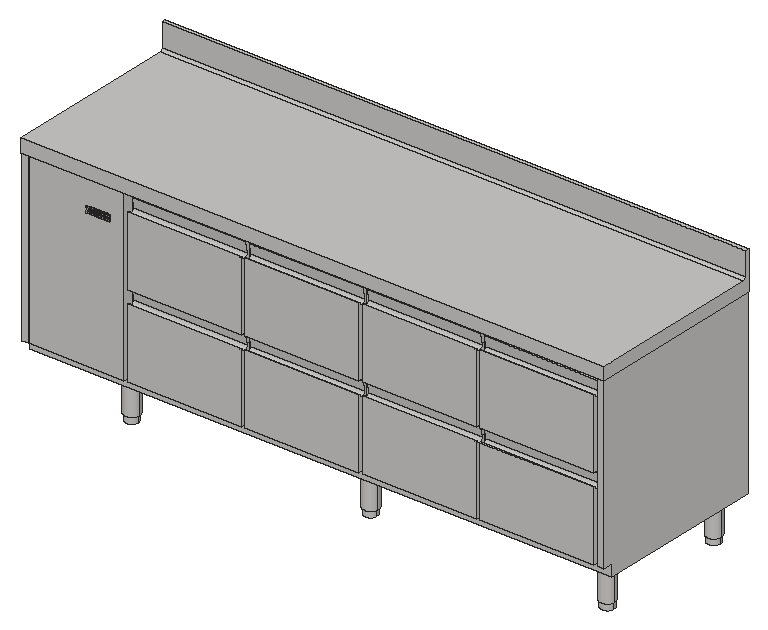
Revit family "QF_ZANUSSI_111064_ZH4H3BBBB", category Specialty Equipment, Revit 2018
Family settings
  Round Connector Dimension = Use Diameter
  Part Type = Normal
  Work Plane-Based = No
  Always vertical = Yes
  Cut with Voids When Loaded = No
  Shared = No
  Room Calculation Point = No
Parameters
  Weight = 0.00 kg
  Watts = 0.0232258 W
  Volts = 220 V
  URL Manufacturer = "http://www.zanussiprofessional.com/"
  URL = "http://www.zanussiprofessional.com/"
  Steam Supply Size = 0 mm
  Steam Supply Minimum Pressure = 0.0 Pa
  Steam Supply Maximum Pressure = 0.0 Pa
  Steam Pounds per Hour = 0
  Show Logo [instance] = yes
  Show Clearance [instance] = yes
  Refrigeration Suction Line Size = 0 mm
  Refrigeration Liquid Line Size = 0 mm
  Refrigerant Compressor Remote = yes
  Manufacturer = "Zanussi"
  Phase = 1
  Model = "ZH4H3BBBB"
  Length Actual = 2253 mm  # constant formula
  Item Number = "111064"
  Hot Water Size = 0 mm
  Height Actual = 1000 mm  # constant formula
  HP = "0.3 HP"
  Gas Size = 0 mm
  Gas KW = 0
  Gas Input Pressure = 0 W
  Description = "8 DRAWERS REFR.TABLE 590L-SPLASHB"
  Depth Actual = 700 mm  # constant formula
  Cycle = 50 Hz
  Condensate Return Size = 0 mm
  Compressed Air Volume = 0.0 L/s
  Compressed Air Size = 0 mm
  Compressed Air Pressure = 0.0 Pa
  Cold Water Size = 0 mm
  Accessory = yes
Reference planes
  plane 1 "Center X": y = 182.5
  plane 2: z = 0
  plane 3 "Center Y": x = -580.5
  plane 4: y = -62.5
  plane 5: y = 451.5
  plane 6 "BACK": y = 532.5
  plane 7 "FRONT": y = -167.5
  plane 8: x = -1360
  plane 9: x = 478
  plane 10: z = 150
  plane 11 "TOP": z = 900
  plane 12: z = 850
  plane 13 "LEFT": x = -1705
  plane 14 "RIGHT": x = 544
  plane 15: x = -437
  plane 16: x = -1707
  plane 17: x = 546
Forms (mm)
  Extrusion 1, solid, material "QF_Finishes_Stainless Steel"
    sketch origin (-580.5, 2, 0) x (0, 1, 0) y (0, 0, 1)
      loop
        line (530.5, 150) -> (530.5, 850) -> (-124.5, 850) -> (-124.5, 150) -> (530.5, 150)
    from -1124.5 to 1124.5
  Extrusion 2, solid, material "QF_Finishes_Stainless Steel"
    sketch origin (-1022.223, -1524, 150) x (-1, 0, 0) y (0, -1, 0)
      loop
        line (682.777, -1361.5) -> (657.777, -1361.5) -> (657.777, -1401.5) -> (682.777, -1401.5) -> (682.777, -1361.5)
      loop
        line (-1566.223, -1401.5) -> (-1541.223, -1401.5) -> (-1541.223, -1361.5) -> (-1566.223, -1361.5) -> (-1566.223, -1401.5)
    from 47 to 700
  Extrusion 3, solid, material "QF_Finishes_Stainless Steel"
    sketch origin (0, 0, 900) x (-1, 0, 0) y (0, -1, 0)
      loop
        circle (-57, -94.5) r 8.45
      loop
        circle (851, -94.5) r 8.45
    from -790.577 to -750
  Extrusion 4, solid, material "QF_Finishes_Stainless Steel"
    sketch origin (0, 0, 0) x (1, 0, 0) y (0, 1, 0)
      loop
        circle (-1621, 451.5) r 4
    from 109.423 to 150
  Extrusion 5, solid, material "QF_Finishes_Stainless Steel"
    sketch origin (-126.5, 0, 0) x (0, 1, 0) y (0, 0, 1)
      loop
        line (-167.5, 900) -> (-167.5, 850) -> (532.5, 850) -> (532.5, 1000) -> (519.5, 1000) -> (519.5, 910)
        arc (519.5, 910) -> (516.571, 902.929) -> (509.5, 900) r 10
        line (509.5, 900) -> (-167.5, 900)
    from 672.5 to -1580.5
Cuts and joins
  joined: Extrusion 1, Extrusion 2
Lines and regions (mm)
  symbolic lines, style "SpecialityEquipmentHiddenLines"
    curve 1: line (-1707, -122.5, 900) -> (546, -122.5, 900)
    curve 2: line (-1304, -167.5, 900) -> (-1304, -122.5, 900)
  symbolic lines, style "SpecialityEquipment"
    curve 3: line (-1707, 532.5, 900) -> (546, 532.5, 900)
    curve 4: line (-1707, 532.5, 900) -> (-1707, -167.5, 900)
    curve 5: line (-1707, -167.5, 900) -> (546, -167.5, 900)
    curve 6: line (546, -167.5, 900) -> (546, 532.5, 900)
    curve 7: line (-1707, 519.5, 900) -> (546, 519.5, 900)
Dimensions and locks
  locked: plane 6 "BACK" to plane 7 "FRONT" at 700
  equal spacing: plane 6 "BACK", plane 1 "Center X", plane 7 "FRONT"
  locked: plane 6 "BACK" to plane 5 at 81
  plane 10 to level = 150 mm
  plane 11 "TOP" to plane 12 to plane 10 = 50 mm locked, 700 mm locked
  locked: Extrusion 2 sketch curve to Extrusion 2 sketch curve at 25  (x2)
  locked: plane 4 to plane 7 "FRONT" at 105
  locked: plane 6 "BACK" to Extrusion 3 sketch curve at 438  (x2)
  equal spacing: plane 13 "LEFT", plane 3 "Center Y", plane 14 "RIGHT"
  plane 16 to plane 17 = 2253 mm
  locked: plane 13 "LEFT" to plane 8 at 345
  plane 15 to plane 9 to plane 14 "RIGHT" = 915 mm locked, 66 mm locked
  Extrusion 3 sketch curve to Extrusion 3 sketch curve to plane 14 "RIGHT" = 908 mm locked, 487 mm locked
  plane 13 "LEFT" to Extrusion 4 sketch curve = 84 mm
  locked: plane 6 "BACK" to Extrusion 4 sketch curve at 81
  locked: plane 10 to Extrusion 4 at 40.577
  aligned and locked: level to plane 2
  aligned and locked: plane 10 to Extrusion 3
  aligned and locked: nested 4 to plane 4
  aligned and locked: nested 1 to plane 4
  aligned and locked: nested 3 to plane 5
  aligned and locked: nested 2 to plane 5
  aligned and locked: plane 8 to nested 1
  aligned and locked: plane 8 to nested 2
  aligned and locked: plane 9 to nested 4
  aligned and locked: plane 9 to nested 3
  aligned and locked: Extrusion 1 to Extrusion 2
  aligned and locked: Extrusion 2 to Extrusion 1
  aligned and locked: Extrusion 2 sketch curve to plane 14 "RIGHT"
  aligned and locked: plane 13 "LEFT" to Extrusion 2 sketch curve
  aligned and locked: cut or joined group of Extrusion 1, Extrusion 2 to plane 10
  aligned and locked: plane 12 to cut or joined group of Extrusion 1, Extrusion 2
  aligned and locked: plane 10 to Extrusion 4
  aligned and locked: plane 15 to nested 11
  aligned and locked: plane 15 to nested 12
Automatic sketch dimensions
  plane 7 "FRONT" to Extrusion 2 sketch curve = 45 mm  (x2)
  plane 7 "FRONT" to Extrusion 2 sketch curve = 5 mm  (x2)
  Extrusion 1 sketch curve to plane 10 = 0 mm
  Extrusion 1 sketch curve to plane 12 = 0 mm
  Extrusion 1 sketch curve to plane 6 "BACK" = 0 mm
  plane 7 "FRONT" to Extrusion 1 sketch curve = 45 mm
  Extrusion 5 sketch curve to plane 7 "FRONT" = 0 mm
  Extrusion 5 sketch curve to plane 11 "TOP" = 0 mm
  Extrusion 5 sketch curve to plane 6 "BACK" = 0 mm
  Extrusion 5 sketch curve to plane 12 = 0 mm
  plane 11 "TOP" to Extrusion 5 sketch curve = 10 mm
  Extrusion 5 sketch curve to plane 6 "BACK" = 23 mm
  Extrusion 5 sketch curve to Extrusion 5 sketch curve = 90 mm
  curve 7 to plane 17 = 0 mm
  curve 2 to plane 7 "FRONT" = 0 mm
  curve 5 to plane 16 = 0 mm
  curve 3 to plane 6 "BACK" = 0 mm
  plane 8 to curve 2 = 56 mm
  curve 3 to curve 7 = 13 mm
  plane 7 "FRONT" to curve 1 = 45 mm
  radius of Extrusion 3 sketch curve = 8.45 mm  (x2)
  radius of Extrusion 4 sketch curve = 4 mm
Nested families
  nested 1: "Foot_Ø50_H150" at (-1360, -62.5, 0), type "Foot_Ø50_H150"
  nested 2: "Foot_Ø50_H150" at (-1360, 451.5, 0), type "Foot_Ø50_H150"
  nested 3: "Foot_Ø50_H150" at (478, 451.5, 0), type "Foot_Ø50_H150"
  nested 4: "Foot_Ø50_H150" at (478, -62.5, 0), type "Foot_Ø50_H150"
  nested 5: "2 Drawers" at (285, -164.5, 0), Show Clearance <- "Show Clearance", type "2 Drawers"
  nested 6: "2 Drawers" at (-169, -164.5, 0), Show Clearance <- "Show Clearance", type "2 Drawers"
  nested 7: "Refrigerator" at (544, -167.5, 900), type "Refrigerator"
  nested 8: "ZAN_Cooling Unit" at (-1495.5, -164.5, 0), Show Logo <- "Show Logo", type "ZAN_Cooling Unit"
  nested 9: "2 Drawers" at (-623, -164.5, 0), Show Clearance <- "Show Clearance", type "2 Drawers"
  nested 10: "2 Drawers" at (-1077, -164.5, 0) x (-1, 0, 0) z (0, 0, 1), Show Clearance <- "Show Clearance", type "2 Drawers"
  nested 11: "Foot_Ø50_H150" at (-437, -62.5, 0), type "Foot_Ø50_H150"
  nested 12: "Foot_Ø50_H150" at (-437, 451.5, 0), type "Foot_Ø50_H150"
Connectors
  electrical at (-1621, 451.5, 109.423), driven by "Volts"
    settings: on Extrusion 4, index 4, voltage 220 V, apparent load 0 VA, apparent load phase1 0 VA, apparent load phase2 0 VA, apparent load phase3 0 VA, power factor 1, load classification "Altro", number of poles 1, system type 30, power factor state 1, is connector primary yes, connector utility no, sub classification motor no, connector description "Electrical Connection"
  piping at (57, 94.5, 109.423), diameter 17
    settings: on Extrusion 3, index 5, connector inside diameter 609.6 mm, connector length 0 mm, flow factor 0, pipe flow 0.0 L/s, pressure drop 0.0 Pa, fitting loss kfactor 0, connector angle 0.00°, fixture units 0, engagement length 0 mm, angle of deflection 0.00°, flow configuration 1, flow direction 2, fitting loss method 0, system type 16, joint type 0, gender type 0, connector reference index -1, connector utility 0, adjustable connector no, is connector primary yes, connector description "Drain"
  piping at (-851, 94.5, 109.423), diameter 17
    settings: on Extrusion 3, index 6, connector inside diameter 609.6 mm, connector length 0 mm, flow factor 0, pipe flow 0.0 L/s, pressure drop 0.0 Pa, fitting loss kfactor 0, connector angle 0.00°, fixture units 0, engagement length 0 mm, angle of deflection 0.00°, flow configuration 1, flow direction 2, fitting loss method 0, system type 16, joint type 0, gender type 0, connector reference index -1, connector utility 0, adjustable connector no, is connector primary no, connector description "Drain"
Definition of nested family "Foot_Ø50_H150"
  Reference planes
    plane 1 "Centro (Fronte/Retro)": y = 0
    plane 2: z = 0
    plane 3 "Centro (Sinistra/Destra)": x = 0
    plane 4: z = 150
  Forms (mm)
    Revolve 1, solid
      sketch origin (255.05, 0, 608.09) x (0, 0, 1) y (-1, 0, 0)
        loop
          line (-608.09, 255.05) -> (-608.09, 230.05) -> (-583.09, 230.05) -> (-583.09, 226.05) -> (-458.09, 226.05) -> (-458.09, 255.05) -> (-608.09, 255.05)
        axis (-608.09, 255.05) -> (-458.09, 255.05)
      angle from 0 to 360
  Dimensions and locks
    locked: Revolve 1 sketch curve to Revolve 1 sketch curve at 125
    aligned and locked: level to plane 2
    aligned and locked: plane 4 to Revolve 1 sketch curve
    aligned and locked: Revolve 1 sketch curve to level
    aligned and locked: plane 3 "Centro (Sinistra/Destra)" to Revolve 1 sketch curve
Definition of nested family "2 Drawers"
  Parameters
    Show Clearance [instance] = yes
  Reference planes
    plane 1 "FRONT": y = -3
    plane 2: z = 0
    plane 3 "Centro (Sinistra/Destra)": x = 0
    plane 4: z = 150
    plane 5: z = 850
    plane 6: x = -234
    plane 7: x = 234
    plane 8: x = -220
    plane 9: x = 220
  Forms (mm)
    Extrusion 1, solid
      sketch origin (0, 55, 511) x (0, 0, 1) y (0, -1, 0)
        loop
          line (314, 18) -> (314, 29) -> (274.395, 22.5)
          arc (274.395, 22.5) -> (260.395, 36.5) -> (274.395, 50.5) r 14
          line (274.395, 50.5) -> (274.395, 53) -> (5, 53) -> (5, 18) -> (314, 18)
        loop
          line (-5, 29) -> (-44.605, 22.5)
          arc (-44.605, 22.5) -> (-58.605, 36.5) -> (-44.605, 50.5) r 14
          line (-44.605, 50.5) -> (-44.605, 53) -> (-314, 53) -> (-314, 18) -> (-5, 18) -> (-5, 29)
      from -220 to 220
    Extrusion 2, solid, visible <- "Show Clearance", detail levels coarse
      sketch origin (0, -462, 511) x (0, 0, 1) y (0, -1, 0)
        loop
          line (-314, 109) -> (-314, -464) -> (-5, -464) -> (-5, 109) -> (-314, 109)
        loop
          line (314, -464) -> (314, 109) -> (5, 109) -> (5, -464) -> (314, -464)
      from -220 to 220
  Lines and regions (mm)
    symbolic lines
      curve 1: line (-190, -3, 0) -> (-190, -88, 0)
      curve 2: line (190, -88, 0) -> (190, -3, 0)
      curve 3: line (220, -88, 0) -> (-220, -88, 0)
      curve 4: line (-220, -88, 0) -> (-220, -123, 0)
      curve 5: line (-220, -123, 0) -> (220, -123, 0)
      curve 6: line (220, -123, 0) -> (220, -88, 0)
      curve 7: line (-190, -123, 0) -> (-190, -208, 0)
      curve 8: line (220, -208, 0) -> (-220, -208, 0)
      curve 9: line (-220, -208, 0) -> (-220, -243, 0)
      curve 10: line (-220, -243, 0) -> (220, -243, 0)
      curve 11: line (220, -243, 0) -> (220, -208, 0)
      curve 12: line (190, -208, 0) -> (190, -123, 0)
  Dimensions and locks
    aligned and locked: level to plane 2
Definition of nested family "ZAN_Cooling Unit"
  Parameters
    Show Logo [instance] = yes
  Reference planes
    plane 1 "FRONT": y = -3
    plane 2: z = 0
    plane 3 "Centro (Sinistra/Destra)": x = 0
    plane 4: z = 150
    plane 5: z = 850
    plane 6: x = -184.5
    plane 7: x = 184.5
  Forms (mm)
    Extrusion 1, solid
      sketch origin (0, 55, 511) x (0, 0, 1) y (0, -1, 0)
        loop
          line (-314, 53) -> (-314, 13) -> (339, 13) -> (339, 53) -> (-314, 53)
      from -184.5 to 184.5
  Lines and regions (mm)
    Split face 1
      outline origin (0, 2, 197) x (0, 0, 1) y (-1, 0, 0)
        loop
          line (566.835, 184.5) -> (566.835, -184.5)
        loop
          line (521.835, 184.5) -> (521.835, -184.5)
    Split face 2
      outline origin (0, 2, 197) x (0, 0, 1) y (-1, 0, 0)
        loop
          arc (510.649, 158.547) -> (506.648, 162.548) -> (502.647, 158.547) r 4.001
          line (502.647, 158.547) -> (502.647, 116.535)
          arc (502.647, 116.535) -> (506.648, 112.533) -> (510.649, 116.535) r 4.001
          line (510.649, 116.535) -> (510.649, 158.547)
    Split face 3
      outline origin (0, 2, 184.996) x (0, 0, 1) y (-1, 0, 0)
        loop
          arc (510.649, 158.547) -> (506.648, 162.548) -> (502.647, 158.547) r 4.001
          line (502.647, 158.547) -> (502.647, 116.535)
          arc (502.647, 116.535) -> (506.648, 112.533) -> (510.649, 116.535) r 4.001
          line (510.649, 116.535) -> (510.649, 158.547)
    Split face 4
      outline origin (0, 2, 172.993) x (0, 0, 1) y (-1, 0, 0)
        loop
          arc (510.649, 158.547) -> (506.648, 162.548) -> (502.647, 158.547) r 4.001
          line (502.647, 158.547) -> (502.647, 116.535)
          arc (502.647, 116.535) -> (506.648, 112.533) -> (510.649, 116.535) r 4.001
          line (510.649, 116.535) -> (510.649, 158.547)
    Split face 5
      outline origin (0, 2, 160.989) x (0, 0, 1) y (-1, 0, 0)
        loop
          arc (510.649, 158.547) -> (506.648, 162.548) -> (502.647, 158.547) r 4.001
          line (502.647, 158.547) -> (502.647, 116.535)
          arc (502.647, 116.535) -> (506.648, 112.533) -> (510.649, 116.535) r 4.001
          line (510.649, 116.535) -> (510.649, 158.547)
    Split face 6
      outline origin (0, 2, 148.986) x (0, 0, 1) y (-1, 0, 0)
        loop
          arc (510.649, 158.547) -> (506.648, 162.548) -> (502.647, 158.547) r 4.001
          line (502.647, 158.547) -> (502.647, 116.535)
          arc (502.647, 116.535) -> (506.648, 112.533) -> (510.649, 116.535) r 4.001
          line (510.649, 116.535) -> (510.649, 158.547)
    Split face 7
      outline origin (0, 2, 136.982) x (0, 0, 1) y (-1, 0, 0)
        loop
          arc (510.649, 158.547) -> (506.648, 162.548) -> (502.647, 158.547) r 4.001
          line (502.647, 158.547) -> (502.647, 116.535)
          arc (502.647, 116.535) -> (506.648, 112.533) -> (510.649, 116.535) r 4.001
          line (510.649, 116.535) -> (510.649, 158.547)
    Split face 8
      outline origin (0, 2, 124.979) x (0, 0, 1) y (-1, 0, 0)
        loop
          arc (510.649, 158.547) -> (506.648, 162.548) -> (502.647, 158.547) r 4.001
          line (502.647, 158.547) -> (502.647, 116.535)
          arc (502.647, 116.535) -> (506.648, 112.533) -> (510.649, 116.535) r 4.001
          line (510.649, 116.535) -> (510.649, 158.547)
    Split face 9
      outline origin (0, 2, 112.975) x (0, 0, 1) y (-1, 0, 0)
        loop
          arc (510.649, 158.547) -> (506.648, 162.548) -> (502.647, 158.547) r 4.001
          line (502.647, 158.547) -> (502.647, 116.535)
          arc (502.647, 116.535) -> (506.648, 112.533) -> (510.649, 116.535) r 4.001
          line (510.649, 116.535) -> (510.649, 158.547)
    Split face 10
      outline origin (0, 2, 100.972) x (0, 0, 1) y (-1, 0, 0)
        loop
          arc (510.649, 158.547) -> (506.648, 162.548) -> (502.647, 158.547) r 4.001
          line (502.647, 158.547) -> (502.647, 116.535)
          arc (502.647, 116.535) -> (506.648, 112.533) -> (510.649, 116.535) r 4.001
          line (510.649, 116.535) -> (510.649, 158.547)
    Split face 11
      outline origin (0, 2, 88.968) x (0, 0, 1) y (-1, 0, 0)
        loop
          arc (510.649, 158.547) -> (506.648, 162.548) -> (502.647, 158.547) r 4.001
          line (502.647, 158.547) -> (502.647, 116.535)
          arc (502.647, 116.535) -> (506.648, 112.533) -> (510.649, 116.535) r 4.001
          line (510.649, 116.535) -> (510.649, 158.547)
    Split face 12
      outline origin (0, 2, 76.965) x (0, 0, 1) y (-1, 0, 0)
        loop
          arc (510.649, 158.547) -> (506.648, 162.548) -> (502.647, 158.547) r 4.001
          line (502.647, 158.547) -> (502.647, 116.535)
          arc (502.647, 116.535) -> (506.648, 112.533) -> (510.649, 116.535) r 4.001
          line (510.649, 116.535) -> (510.649, 158.547)
    Split face 13
      outline origin (0, 2, 64.961) x (0, 0, 1) y (-1, 0, 0)
        loop
          arc (510.649, 158.547) -> (506.648, 162.548) -> (502.647, 158.547) r 4.001
          line (502.647, 158.547) -> (502.647, 116.535)
          arc (502.647, 116.535) -> (506.648, 112.533) -> (510.649, 116.535) r 4.001
          line (510.649, 116.535) -> (510.649, 158.547)
    Split face 14
      outline origin (0, 2, 52.958) x (0, 0, 1) y (-1, 0, 0)
        loop
          arc (510.649, 158.547) -> (506.648, 162.548) -> (502.647, 158.547) r 4.001
          line (502.647, 158.547) -> (502.647, 116.535)
          arc (502.647, 116.535) -> (506.648, 112.533) -> (510.649, 116.535) r 4.001
          line (510.649, 116.535) -> (510.649, 158.547)
    Split face 15
      outline origin (0, 2, 40.954) x (0, 0, 1) y (-1, 0, 0)
        loop
          arc (510.649, 158.547) -> (506.648, 162.548) -> (502.647, 158.547) r 4.001
          line (502.647, 158.547) -> (502.647, 116.535)
          arc (502.647, 116.535) -> (506.648, 112.533) -> (510.649, 116.535) r 4.001
          line (510.649, 116.535) -> (510.649, 158.547)
    Split face 16
      outline origin (0, 2, 28.951) x (0, 0, 1) y (-1, 0, 0)
        loop
          arc (510.649, 158.547) -> (506.648, 162.548) -> (502.647, 158.547) r 4.001
          line (502.647, 158.547) -> (502.647, 116.535)
          arc (502.647, 116.535) -> (506.648, 112.533) -> (510.649, 116.535) r 4.001
          line (510.649, 116.535) -> (510.649, 158.547)
    Split face 17
      outline origin (0, 2, 16.947) x (0, 0, 1) y (-1, 0, 0)
        loop
          arc (510.649, 158.547) -> (506.648, 162.548) -> (502.647, 158.547) r 4.001
          line (502.647, 158.547) -> (502.647, 116.535)
          arc (502.647, 116.535) -> (506.648, 112.533) -> (510.649, 116.535) r 4.001
          line (510.649, 116.535) -> (510.649, 158.547)
    Split face 18
      outline origin (55.016, 2, 197) x (0, 0, 1) y (-1, 0, 0)
        loop
          arc (510.649, 158.547) -> (506.648, 162.548) -> (502.647, 158.547) r 4.001
          line (502.647, 158.547) -> (502.647, 116.535)
          arc (502.647, 116.535) -> (506.648, 112.533) -> (510.649, 116.535) r 4.001
          line (510.649, 116.535) -> (510.649, 158.547)
    Split face 19
      outline origin (55.016, 2, 184.996) x (0, 0, 1) y (-1, 0, 0)
        loop
          arc (510.649, 158.547) -> (506.648, 162.548) -> (502.647, 158.547) r 4.001
          line (502.647, 158.547) -> (502.647, 116.535)
          arc (502.647, 116.535) -> (506.648, 112.533) -> (510.649, 116.535) r 4.001
          line (510.649, 116.535) -> (510.649, 158.547)
    Split face 20
      outline origin (55.016, 2, 172.993) x (0, 0, 1) y (-1, 0, 0)
        loop
          arc (510.649, 158.547) -> (506.648, 162.548) -> (502.647, 158.547) r 4.001
          line (502.647, 158.547) -> (502.647, 116.535)
          arc (502.647, 116.535) -> (506.648, 112.533) -> (510.649, 116.535) r 4.001
          line (510.649, 116.535) -> (510.649, 158.547)
    Split face 21
      outline origin (55.016, 2, 160.989) x (0, 0, 1) y (-1, 0, 0)
        loop
          arc (510.649, 158.547) -> (506.648, 162.548) -> (502.647, 158.547) r 4.001
          line (502.647, 158.547) -> (502.647, 116.535)
          arc (502.647, 116.535) -> (506.648, 112.533) -> (510.649, 116.535) r 4.001
          line (510.649, 116.535) -> (510.649, 158.547)
    Split face 22
      outline origin (55.016, 2, 148.986) x (0, 0, 1) y (-1, 0, 0)
        loop
          arc (510.649, 158.547) -> (506.648, 162.548) -> (502.647, 158.547) r 4.001
          line (502.647, 158.547) -> (502.647, 116.535)
          arc (502.647, 116.535) -> (506.648, 112.533) -> (510.649, 116.535) r 4.001
          line (510.649, 116.535) -> (510.649, 158.547)
    Split face 23
      outline origin (55.016, 2, 136.982) x (0, 0, 1) y (-1, 0, 0)
        loop
          arc (510.649, 158.547) -> (506.648, 162.548) -> (502.647, 158.547) r 4.001
          line (502.647, 158.547) -> (502.647, 116.535)
          arc (502.647, 116.535) -> (506.648, 112.533) -> (510.649, 116.535) r 4.001
          line (510.649, 116.535) -> (510.649, 158.547)
    Split face 24
      outline origin (55.016, 2, 124.979) x (0, 0, 1) y (-1, 0, 0)
        loop
          arc (510.649, 158.547) -> (506.648, 162.548) -> (502.647, 158.547) r 4.001
          line (502.647, 158.547) -> (502.647, 116.535)
          arc (502.647, 116.535) -> (506.648, 112.533) -> (510.649, 116.535) r 4.001
          line (510.649, 116.535) -> (510.649, 158.547)
    Split face 25
      outline origin (55.016, 2, 112.975) x (0, 0, 1) y (-1, 0, 0)
        loop
          arc (510.649, 158.547) -> (506.648, 162.548) -> (502.647, 158.547) r 4.001
          line (502.647, 158.547) -> (502.647, 116.535)
          arc (502.647, 116.535) -> (506.648, 112.533) -> (510.649, 116.535) r 4.001
          line (510.649, 116.535) -> (510.649, 158.547)
    Split face 26
      outline origin (55.016, 2, 100.972) x (0, 0, 1) y (-1, 0, 0)
        loop
          arc (510.649, 158.547) -> (506.648, 162.548) -> (502.647, 158.547) r 4.001
          line (502.647, 158.547) -> (502.647, 116.535)
          arc (502.647, 116.535) -> (506.648, 112.533) -> (510.649, 116.535) r 4.001
          line (510.649, 116.535) -> (510.649, 158.547)
    Split face 27
      outline origin (55.016, 2, 88.968) x (0, 0, 1) y (-1, 0, 0)
        loop
          arc (510.649, 158.547) -> (506.648, 162.548) -> (502.647, 158.547) r 4.001
          line (502.647, 158.547) -> (502.647, 116.535)
          arc (502.647, 116.535) -> (506.648, 112.533) -> (510.649, 116.535) r 4.001
          line (510.649, 116.535) -> (510.649, 158.547)
    Split face 28
      outline origin (55.016, 2, 76.965) x (0, 0, 1) y (-1, 0, 0)
        loop
          arc (510.649, 158.547) -> (506.648, 162.548) -> (502.647, 158.547) r 4.001
          line (502.647, 158.547) -> (502.647, 116.535)
          arc (502.647, 116.535) -> (506.648, 112.533) -> (510.649, 116.535) r 4.001
          line (510.649, 116.535) -> (510.649, 158.547)
    Split face 29
      outline origin (55.016, 2, 64.961) x (0, 0, 1) y (-1, 0, 0)
        loop
          arc (510.649, 158.547) -> (506.648, 162.548) -> (502.647, 158.547) r 4.001
          line (502.647, 158.547) -> (502.647, 116.535)
          arc (502.647, 116.535) -> (506.648, 112.533) -> (510.649, 116.535) r 4.001
          line (510.649, 116.535) -> (510.649, 158.547)
    Split face 30
      outline origin (55.016, 2, 52.958) x (0, 0, 1) y (-1, 0, 0)
        loop
          arc (510.649, 158.547) -> (506.648, 162.548) -> (502.647, 158.547) r 4.001
          line (502.647, 158.547) -> (502.647, 116.535)
          arc (502.647, 116.535) -> (506.648, 112.533) -> (510.649, 116.535) r 4.001
          line (510.649, 116.535) -> (510.649, 158.547)
    Split face 31
      outline origin (55.016, 2, 40.954) x (0, 0, 1) y (-1, 0, 0)
        loop
          arc (510.649, 158.547) -> (506.648, 162.548) -> (502.647, 158.547) r 4.001
          line (502.647, 158.547) -> (502.647, 116.535)
          arc (502.647, 116.535) -> (506.648, 112.533) -> (510.649, 116.535) r 4.001
          line (510.649, 116.535) -> (510.649, 158.547)
    Split face 32
      outline origin (55.016, 2, 28.951) x (0, 0, 1) y (-1, 0, 0)
        loop
          arc (510.649, 158.547) -> (506.648, 162.548) -> (502.647, 158.547) r 4.001
          line (502.647, 158.547) -> (502.647, 116.535)
          arc (502.647, 116.535) -> (506.648, 112.533) -> (510.649, 116.535) r 4.001
          line (510.649, 116.535) -> (510.649, 158.547)
    Split face 33
      outline origin (55.016, 2, 16.947) x (0, 0, 1) y (-1, 0, 0)
        loop
          arc (510.649, 158.547) -> (506.648, 162.548) -> (502.647, 158.547) r 4.001
          line (502.647, 158.547) -> (502.647, 116.535)
          arc (502.647, 116.535) -> (506.648, 112.533) -> (510.649, 116.535) r 4.001
          line (510.649, 116.535) -> (510.649, 158.547)
    Split face 34
      outline origin (110.032, 2, 197) x (0, 0, 1) y (-1, 0, 0)
        loop
          arc (510.649, 158.547) -> (506.648, 162.548) -> (502.647, 158.547) r 4.001
          line (502.647, 158.547) -> (502.647, 116.535)
          arc (502.647, 116.535) -> (506.648, 112.533) -> (510.649, 116.535) r 4.001
          line (510.649, 116.535) -> (510.649, 158.547)
    Split face 35
      outline origin (110.032, 2, 184.996) x (0, 0, 1) y (-1, 0, 0)
        loop
          arc (510.649, 158.547) -> (506.648, 162.548) -> (502.647, 158.547) r 4.001
          line (502.647, 158.547) -> (502.647, 116.535)
          arc (502.647, 116.535) -> (506.648, 112.533) -> (510.649, 116.535) r 4.001
          line (510.649, 116.535) -> (510.649, 158.547)
    Split face 36
      outline origin (110.032, 2, 172.993) x (0, 0, 1) y (-1, 0, 0)
        loop
          arc (510.649, 158.547) -> (506.648, 162.548) -> (502.647, 158.547) r 4.001
          line (502.647, 158.547) -> (502.647, 116.535)
          arc (502.647, 116.535) -> (506.648, 112.533) -> (510.649, 116.535) r 4.001
          line (510.649, 116.535) -> (510.649, 158.547)
    Split face 37
      outline origin (110.032, 2, 160.989) x (0, 0, 1) y (-1, 0, 0)
        loop
          arc (510.649, 158.547) -> (506.648, 162.548) -> (502.647, 158.547) r 4.001
          line (502.647, 158.547) -> (502.647, 116.535)
          arc (502.647, 116.535) -> (506.648, 112.533) -> (510.649, 116.535) r 4.001
          line (510.649, 116.535) -> (510.649, 158.547)
    Split face 38
      outline origin (110.032, 2, 148.986) x (0, 0, 1) y (-1, 0, 0)
        loop
          arc (510.649, 158.547) -> (506.648, 162.548) -> (502.647, 158.547) r 4.001
          line (502.647, 158.547) -> (502.647, 116.535)
          arc (502.647, 116.535) -> (506.648, 112.533) -> (510.649, 116.535) r 4.001
          line (510.649, 116.535) -> (510.649, 158.547)
    Split face 39
      outline origin (110.032, 2, 136.982) x (0, 0, 1) y (-1, 0, 0)
        loop
          arc (510.649, 158.547) -> (506.648, 162.548) -> (502.647, 158.547) r 4.001
          line (502.647, 158.547) -> (502.647, 116.535)
          arc (502.647, 116.535) -> (506.648, 112.533) -> (510.649, 116.535) r 4.001
          line (510.649, 116.535) -> (510.649, 158.547)
    Split face 40
      outline origin (110.032, 2, 124.979) x (0, 0, 1) y (-1, 0, 0)
        loop
          arc (510.649, 158.547) -> (506.648, 162.548) -> (502.647, 158.547) r 4.001
          line (502.647, 158.547) -> (502.647, 116.535)
          arc (502.647, 116.535) -> (506.648, 112.533) -> (510.649, 116.535) r 4.001
          line (510.649, 116.535) -> (510.649, 158.547)
    Split face 41
      outline origin (110.032, 2, 112.975) x (0, 0, 1) y (-1, 0, 0)
        loop
          arc (510.649, 158.547) -> (506.648, 162.548) -> (502.647, 158.547) r 4.001
          line (502.647, 158.547) -> (502.647, 116.535)
          arc (502.647, 116.535) -> (506.648, 112.533) -> (510.649, 116.535) r 4.001
          line (510.649, 116.535) -> (510.649, 158.547)
    Split face 42
      outline origin (110.032, 2, 100.972) x (0, 0, 1) y (-1, 0, 0)
        loop
          arc (510.649, 158.547) -> (506.648, 162.548) -> (502.647, 158.547) r 4.001
          line (502.647, 158.547) -> (502.647, 116.535)
          arc (502.647, 116.535) -> (506.648, 112.533) -> (510.649, 116.535) r 4.001
          line (510.649, 116.535) -> (510.649, 158.547)
    Split face 43
      outline origin (110.032, 2, 88.968) x (0, 0, 1) y (-1, 0, 0)
        loop
          arc (510.649, 158.547) -> (506.648, 162.548) -> (502.647, 158.547) r 4.001
          line (502.647, 158.547) -> (502.647, 116.535)
          arc (502.647, 116.535) -> (506.648, 112.533) -> (510.649, 116.535) r 4.001
          line (510.649, 116.535) -> (510.649, 158.547)
    Split face 44
      outline origin (110.032, 2, 76.965) x (0, 0, 1) y (-1, 0, 0)
        loop
          arc (510.649, 158.547) -> (506.648, 162.548) -> (502.647, 158.547) r 4.001
          line (502.647, 158.547) -> (502.647, 116.535)
          arc (502.647, 116.535) -> (506.648, 112.533) -> (510.649, 116.535) r 4.001
          line (510.649, 116.535) -> (510.649, 158.547)
    Split face 45
      outline origin (110.032, 2, 64.961) x (0, 0, 1) y (-1, 0, 0)
        loop
          arc (510.649, 158.547) -> (506.648, 162.548) -> (502.647, 158.547) r 4.001
          line (502.647, 158.547) -> (502.647, 116.535)
          arc (502.647, 116.535) -> (506.648, 112.533) -> (510.649, 116.535) r 4.001
          line (510.649, 116.535) -> (510.649, 158.547)
    Split face 46
      outline origin (110.032, 2, 52.958) x (0, 0, 1) y (-1, 0, 0)
        loop
          arc (510.649, 158.547) -> (506.648, 162.548) -> (502.647, 158.547) r 4.001
          line (502.647, 158.547) -> (502.647, 116.535)
          arc (502.647, 116.535) -> (506.648, 112.533) -> (510.649, 116.535) r 4.001
          line (510.649, 116.535) -> (510.649, 158.547)
    Split face 47
      outline origin (110.032, 2, 40.954) x (0, 0, 1) y (-1, 0, 0)
        loop
          arc (510.649, 158.547) -> (506.648, 162.548) -> (502.647, 158.547) r 4.001
          line (502.647, 158.547) -> (502.647, 116.535)
          arc (502.647, 116.535) -> (506.648, 112.533) -> (510.649, 116.535) r 4.001
          line (510.649, 116.535) -> (510.649, 158.547)
    Split face 48
      outline origin (110.032, 2, 28.951) x (0, 0, 1) y (-1, 0, 0)
        loop
          arc (510.649, 158.547) -> (506.648, 162.548) -> (502.647, 158.547) r 4.001
          line (502.647, 158.547) -> (502.647, 116.535)
          arc (502.647, 116.535) -> (506.648, 112.533) -> (510.649, 116.535) r 4.001
          line (510.649, 116.535) -> (510.649, 158.547)
    Split face 49
      outline origin (110.032, 2, 16.947) x (0, 0, 1) y (-1, 0, 0)
        loop
          arc (510.649, 158.547) -> (506.648, 162.548) -> (502.647, 158.547) r 4.001
          line (502.647, 158.547) -> (502.647, 116.535)
          arc (502.647, 116.535) -> (506.648, 112.533) -> (510.649, 116.535) r 4.001
          line (510.649, 116.535) -> (510.649, 158.547)
    Split face 50
      outline origin (165.048, 2, 197) x (0, 0, 1) y (-1, 0, 0)
        loop
          arc (510.649, 158.547) -> (506.648, 162.548) -> (502.647, 158.547) r 4.001
          line (502.647, 158.547) -> (502.647, 116.535)
          arc (502.647, 116.535) -> (506.648, 112.533) -> (510.649, 116.535) r 4.001
          line (510.649, 116.535) -> (510.649, 158.547)
    Split face 51
      outline origin (165.048, 2, 184.996) x (0, 0, 1) y (-1, 0, 0)
        loop
          arc (510.649, 158.547) -> (506.648, 162.548) -> (502.647, 158.547) r 4.001
          line (502.647, 158.547) -> (502.647, 116.535)
          arc (502.647, 116.535) -> (506.648, 112.533) -> (510.649, 116.535) r 4.001
          line (510.649, 116.535) -> (510.649, 158.547)
    Split face 52
      outline origin (165.048, 2, 172.993) x (0, 0, 1) y (-1, 0, 0)
        loop
          arc (510.649, 158.547) -> (506.648, 162.548) -> (502.647, 158.547) r 4.001
          line (502.647, 158.547) -> (502.647, 116.535)
          arc (502.647, 116.535) -> (506.648, 112.533) -> (510.649, 116.535) r 4.001
          line (510.649, 116.535) -> (510.649, 158.547)
    Split face 53
      outline origin (165.048, 2, 160.989) x (0, 0, 1) y (-1, 0, 0)
        loop
          arc (510.649, 158.547) -> (506.648, 162.548) -> (502.647, 158.547) r 4.001
          line (502.647, 158.547) -> (502.647, 116.535)
          arc (502.647, 116.535) -> (506.648, 112.533) -> (510.649, 116.535) r 4.001
          line (510.649, 116.535) -> (510.649, 158.547)
    Split face 54
      outline origin (165.048, 2, 148.986) x (0, 0, 1) y (-1, 0, 0)
        loop
          arc (510.649, 158.547) -> (506.648, 162.548) -> (502.647, 158.547) r 4.001
          line (502.647, 158.547) -> (502.647, 116.535)
          arc (502.647, 116.535) -> (506.648, 112.533) -> (510.649, 116.535) r 4.001
          line (510.649, 116.535) -> (510.649, 158.547)
    Split face 55
      outline origin (165.048, 2, 136.982) x (0, 0, 1) y (-1, 0, 0)
        loop
          arc (510.649, 158.547) -> (506.648, 162.548) -> (502.647, 158.547) r 4.001
          line (502.647, 158.547) -> (502.647, 116.535)
          arc (502.647, 116.535) -> (506.648, 112.533) -> (510.649, 116.535) r 4.001
          line (510.649, 116.535) -> (510.649, 158.547)
    Split face 56
      outline origin (165.048, 2, 124.979) x (0, 0, 1) y (-1, 0, 0)
        loop
          arc (510.649, 158.547) -> (506.648, 162.548) -> (502.647, 158.547) r 4.001
          line (502.647, 158.547) -> (502.647, 116.535)
          arc (502.647, 116.535) -> (506.648, 112.533) -> (510.649, 116.535) r 4.001
          line (510.649, 116.535) -> (510.649, 158.547)
    Split face 57
      outline origin (165.048, 2, 112.975) x (0, 0, 1) y (-1, 0, 0)
        loop
          arc (510.649, 158.547) -> (506.648, 162.548) -> (502.647, 158.547) r 4.001
          line (502.647, 158.547) -> (502.647, 116.535)
          arc (502.647, 116.535) -> (506.648, 112.533) -> (510.649, 116.535) r 4.001
          line (510.649, 116.535) -> (510.649, 158.547)
    Split face 58
      outline origin (165.048, 2, 100.972) x (0, 0, 1) y (-1, 0, 0)
        loop
          arc (510.649, 158.547) -> (506.648, 162.548) -> (502.647, 158.547) r 4.001
          line (502.647, 158.547) -> (502.647, 116.535)
          arc (502.647, 116.535) -> (506.648, 112.533) -> (510.649, 116.535) r 4.001
          line (510.649, 116.535) -> (510.649, 158.547)
    Split face 59
      outline origin (165.048, 2, 88.968) x (0, 0, 1) y (-1, 0, 0)
        loop
          arc (510.649, 158.547) -> (506.648, 162.548) -> (502.647, 158.547) r 4.001
          line (502.647, 158.547) -> (502.647, 116.535)
          arc (502.647, 116.535) -> (506.648, 112.533) -> (510.649, 116.535) r 4.001
          line (510.649, 116.535) -> (510.649, 158.547)
    Split face 60
      outline origin (165.048, 2, 76.965) x (0, 0, 1) y (-1, 0, 0)
        loop
          arc (510.649, 158.547) -> (506.648, 162.548) -> (502.647, 158.547) r 4.001
          line (502.647, 158.547) -> (502.647, 116.535)
          arc (502.647, 116.535) -> (506.648, 112.533) -> (510.649, 116.535) r 4.001
          line (510.649, 116.535) -> (510.649, 158.547)
    Split face 61
      outline origin (165.048, 2, 64.961) x (0, 0, 1) y (-1, 0, 0)
        loop
          arc (510.649, 158.547) -> (506.648, 162.548) -> (502.647, 158.547) r 4.001
          line (502.647, 158.547) -> (502.647, 116.535)
          arc (502.647, 116.535) -> (506.648, 112.533) -> (510.649, 116.535) r 4.001
          line (510.649, 116.535) -> (510.649, 158.547)
    Split face 62
      outline origin (165.048, 2, 52.958) x (0, 0, 1) y (-1, 0, 0)
        loop
          arc (510.649, 158.547) -> (506.648, 162.548) -> (502.647, 158.547) r 4.001
          line (502.647, 158.547) -> (502.647, 116.535)
          arc (502.647, 116.535) -> (506.648, 112.533) -> (510.649, 116.535) r 4.001
          line (510.649, 116.535) -> (510.649, 158.547)
    Split face 63
      outline origin (165.048, 2, 40.954) x (0, 0, 1) y (-1, 0, 0)
        loop
          arc (510.649, 158.547) -> (506.648, 162.548) -> (502.647, 158.547) r 4.001
          line (502.647, 158.547) -> (502.647, 116.535)
          arc (502.647, 116.535) -> (506.648, 112.533) -> (510.649, 116.535) r 4.001
          line (510.649, 116.535) -> (510.649, 158.547)
    Split face 64
      outline origin (165.048, 2, 28.951) x (0, 0, 1) y (-1, 0, 0)
        loop
          arc (510.649, 158.547) -> (506.648, 162.548) -> (502.647, 158.547) r 4.001
          line (502.647, 158.547) -> (502.647, 116.535)
          arc (502.647, 116.535) -> (506.648, 112.533) -> (510.649, 116.535) r 4.001
          line (510.649, 116.535) -> (510.649, 158.547)
    Split face 65
      outline origin (165.048, 2, 16.947) x (0, 0, 1) y (-1, 0, 0)
        loop
          arc (510.649, 158.547) -> (506.648, 162.548) -> (502.647, 158.547) r 4.001
          line (502.647, 158.547) -> (502.647, 116.535)
          arc (502.647, 116.535) -> (506.648, 112.533) -> (510.649, 116.535) r 4.001
          line (510.649, 116.535) -> (510.649, 158.547)
    Split face 66
      outline origin (220.064, 2, 197) x (0, 0, 1) y (-1, 0, 0)
        loop
          arc (510.649, 158.547) -> (506.648, 162.548) -> (502.647, 158.547) r 4.001
          line (502.647, 158.547) -> (502.647, 116.535)
          arc (502.647, 116.535) -> (506.648, 112.533) -> (510.649, 116.535) r 4.001
          line (510.649, 116.535) -> (510.649, 158.547)
    Split face 67
      outline origin (220.064, 2, 184.996) x (0, 0, 1) y (-1, 0, 0)
        loop
          arc (510.649, 158.547) -> (506.648, 162.548) -> (502.647, 158.547) r 4.001
          line (502.647, 158.547) -> (502.647, 116.535)
          arc (502.647, 116.535) -> (506.648, 112.533) -> (510.649, 116.535) r 4.001
          line (510.649, 116.535) -> (510.649, 158.547)
    Split face 68
      outline origin (220.064, 2, 172.993) x (0, 0, 1) y (-1, 0, 0)
        loop
          arc (510.649, 158.547) -> (506.648, 162.548) -> (502.647, 158.547) r 4.001
          line (502.647, 158.547) -> (502.647, 116.535)
          arc (502.647, 116.535) -> (506.648, 112.533) -> (510.649, 116.535) r 4.001
          line (510.649, 116.535) -> (510.649, 158.547)
    Split face 69
      outline origin (220.064, 2, 160.989) x (0, 0, 1) y (-1, 0, 0)
        loop
          arc (510.649, 158.547) -> (506.648, 162.548) -> (502.647, 158.547) r 4.001
          line (502.647, 158.547) -> (502.647, 116.535)
          arc (502.647, 116.535) -> (506.648, 112.533) -> (510.649, 116.535) r 4.001
          line (510.649, 116.535) -> (510.649, 158.547)
    Split face 70
      outline origin (220.064, 2, 148.986) x (0, 0, 1) y (-1, 0, 0)
        loop
          arc (510.649, 158.547) -> (506.648, 162.548) -> (502.647, 158.547) r 4.001
          line (502.647, 158.547) -> (502.647, 116.535)
          arc (502.647, 116.535) -> (506.648, 112.533) -> (510.649, 116.535) r 4.001
          line (510.649, 116.535) -> (510.649, 158.547)
    Split face 71
      outline origin (220.064, 2, 136.982) x (0, 0, 1) y (-1, 0, 0)
        loop
          arc (510.649, 158.547) -> (506.648, 162.548) -> (502.647, 158.547) r 4.001
          line (502.647, 158.547) -> (502.647, 116.535)
          arc (502.647, 116.535) -> (506.648, 112.533) -> (510.649, 116.535) r 4.001
          line (510.649, 116.535) -> (510.649, 158.547)
    Split face 72
      outline origin (220.064, 2, 124.979) x (0, 0, 1) y (-1, 0, 0)
        loop
          arc (510.649, 158.547) -> (506.648, 162.548) -> (502.647, 158.547) r 4.001
          line (502.647, 158.547) -> (502.647, 116.535)
          arc (502.647, 116.535) -> (506.648, 112.533) -> (510.649, 116.535) r 4.001
          line (510.649, 116.535) -> (510.649, 158.547)
    Split face 73
      outline origin (220.064, 2, 112.975) x (0, 0, 1) y (-1, 0, 0)
        loop
          arc (510.649, 158.547) -> (506.648, 162.548) -> (502.647, 158.547) r 4.001
          line (502.647, 158.547) -> (502.647, 116.535)
          arc (502.647, 116.535) -> (506.648, 112.533) -> (510.649, 116.535) r 4.001
          line (510.649, 116.535) -> (510.649, 158.547)
    Split face 74
      outline origin (220.064, 2, 100.972) x (0, 0, 1) y (-1, 0, 0)
        loop
          arc (510.649, 158.547) -> (506.648, 162.548) -> (502.647, 158.547) r 4.001
          line (502.647, 158.547) -> (502.647, 116.535)
          arc (502.647, 116.535) -> (506.648, 112.533) -> (510.649, 116.535) r 4.001
          line (510.649, 116.535) -> (510.649, 158.547)
    Split face 75
      outline origin (220.064, 2, 88.968) x (0, 0, 1) y (-1, 0, 0)
        loop
          arc (510.649, 158.547) -> (506.648, 162.548) -> (502.647, 158.547) r 4.001
          line (502.647, 158.547) -> (502.647, 116.535)
          arc (502.647, 116.535) -> (506.648, 112.533) -> (510.649, 116.535) r 4.001
          line (510.649, 116.535) -> (510.649, 158.547)
    Split face 76
      outline origin (220.064, 2, 76.965) x (0, 0, 1) y (-1, 0, 0)
        loop
          arc (510.649, 158.547) -> (506.648, 162.548) -> (502.647, 158.547) r 4.001
          line (502.647, 158.547) -> (502.647, 116.535)
          arc (502.647, 116.535) -> (506.648, 112.533) -> (510.649, 116.535) r 4.001
          line (510.649, 116.535) -> (510.649, 158.547)
    Split face 77
      outline origin (220.064, 2, 64.961) x (0, 0, 1) y (-1, 0, 0)
        loop
          arc (510.649, 158.547) -> (506.648, 162.548) -> (502.647, 158.547) r 4.001
          line (502.647, 158.547) -> (502.647, 116.535)
          arc (502.647, 116.535) -> (506.648, 112.533) -> (510.649, 116.535) r 4.001
          line (510.649, 116.535) -> (510.649, 158.547)
    Split face 78
      outline origin (220.064, 2, 52.958) x (0, 0, 1) y (-1, 0, 0)
        loop
          arc (510.649, 158.547) -> (506.648, 162.548) -> (502.647, 158.547) r 4.001
          line (502.647, 158.547) -> (502.647, 116.535)
          arc (502.647, 116.535) -> (506.648, 112.533) -> (510.649, 116.535) r 4.001
          line (510.649, 116.535) -> (510.649, 158.547)
    Split face 79
      outline origin (220.064, 2, 40.954) x (0, 0, 1) y (-1, 0, 0)
        loop
          arc (510.649, 158.547) -> (506.648, 162.548) -> (502.647, 158.547) r 4.001
          line (502.647, 158.547) -> (502.647, 116.535)
          arc (502.647, 116.535) -> (506.648, 112.533) -> (510.649, 116.535) r 4.001
          line (510.649, 116.535) -> (510.649, 158.547)
    Split face 80
      outline origin (220.064, 2, 28.951) x (0, 0, 1) y (-1, 0, 0)
        loop
          arc (510.649, 158.547) -> (506.648, 162.548) -> (502.647, 158.547) r 4.001
          line (502.647, 158.547) -> (502.647, 116.535)
          arc (502.647, 116.535) -> (506.648, 112.533) -> (510.649, 116.535) r 4.001
          line (510.649, 116.535) -> (510.649, 158.547)
    Split face 81
      outline origin (220.064, 2, 16.947) x (0, 0, 1) y (-1, 0, 0)
        loop
          arc (510.649, 158.547) -> (506.648, 162.548) -> (502.647, 158.547) r 4.001
          line (502.647, 158.547) -> (502.647, 116.535)
          arc (502.647, 116.535) -> (506.648, 112.533) -> (510.649, 116.535) r 4.001
          line (510.649, 116.535) -> (510.649, 158.547)
    Split face 82
      outline origin (275.081, 2, 197) x (0, 0, 1) y (-1, 0, 0)
        loop
          arc (510.649, 158.547) -> (506.648, 162.548) -> (502.647, 158.547) r 4.001
          line (502.647, 158.547) -> (502.647, 116.535)
          arc (502.647, 116.535) -> (506.648, 112.533) -> (510.649, 116.535) r 4.001
          line (510.649, 116.535) -> (510.649, 158.547)
    Split face 83
      outline origin (275.081, 2, 184.996) x (0, 0, 1) y (-1, 0, 0)
        loop
          arc (510.649, 158.547) -> (506.648, 162.548) -> (502.647, 158.547) r 4.001
          line (502.647, 158.547) -> (502.647, 116.535)
          arc (502.647, 116.535) -> (506.648, 112.533) -> (510.649, 116.535) r 4.001
          line (510.649, 116.535) -> (510.649, 158.547)
    Split face 84
      outline origin (275.081, 2, 172.993) x (0, 0, 1) y (-1, 0, 0)
        loop
          arc (510.649, 158.547) -> (506.648, 162.548) -> (502.647, 158.547) r 4.001
          line (502.647, 158.547) -> (502.647, 116.535)
          arc (502.647, 116.535) -> (506.648, 112.533) -> (510.649, 116.535) r 4.001
          line (510.649, 116.535) -> (510.649, 158.547)
    Split face 85
      outline origin (275.081, 2, 160.989) x (0, 0, 1) y (-1, 0, 0)
        loop
          arc (510.649, 158.547) -> (506.648, 162.548) -> (502.647, 158.547) r 4.001
          line (502.647, 158.547) -> (502.647, 116.535)
          arc (502.647, 116.535) -> (506.648, 112.533) -> (510.649, 116.535) r 4.001
          line (510.649, 116.535) -> (510.649, 158.547)
    Split face 86
      outline origin (275.081, 2, 148.986) x (0, 0, 1) y (-1, 0, 0)
        loop
          arc (510.649, 158.547) -> (506.648, 162.548) -> (502.647, 158.547) r 4.001
          line (502.647, 158.547) -> (502.647, 116.535)
          arc (502.647, 116.535) -> (506.648, 112.533) -> (510.649, 116.535) r 4.001
          line (510.649, 116.535) -> (510.649, 158.547)
    Split face 87
      outline origin (275.081, 2, 136.982) x (0, 0, 1) y (-1, 0, 0)
        loop
          arc (510.649, 158.547) -> (506.648, 162.548) -> (502.647, 158.547) r 4.001
          line (502.647, 158.547) -> (502.647, 116.535)
          arc (502.647, 116.535) -> (506.648, 112.533) -> (510.649, 116.535) r 4.001
          line (510.649, 116.535) -> (510.649, 158.547)
    Split face 88
      outline origin (275.081, 2, 124.979) x (0, 0, 1) y (-1, 0, 0)
        loop
          arc (510.649, 158.547) -> (506.648, 162.548) -> (502.647, 158.547) r 4.001
          line (502.647, 158.547) -> (502.647, 116.535)
          arc (502.647, 116.535) -> (506.648, 112.533) -> (510.649, 116.535) r 4.001
          line (510.649, 116.535) -> (510.649, 158.547)
    Split face 89
      outline origin (275.081, 2, 112.975) x (0, 0, 1) y (-1, 0, 0)
        loop
          arc (510.649, 158.547) -> (506.648, 162.548) -> (502.647, 158.547) r 4.001
          line (502.647, 158.547) -> (502.647, 116.535)
          arc (502.647, 116.535) -> (506.648, 112.533) -> (510.649, 116.535) r 4.001
          line (510.649, 116.535) -> (510.649, 158.547)
    Split face 90
      outline origin (275.081, 2, 100.972) x (0, 0, 1) y (-1, 0, 0)
        loop
          arc (510.649, 158.547) -> (506.648, 162.548) -> (502.647, 158.547) r 4.001
          line (502.647, 158.547) -> (502.647, 116.535)
          arc (502.647, 116.535) -> (506.648, 112.533) -> (510.649, 116.535) r 4.001
          line (510.649, 116.535) -> (510.649, 158.547)
    Split face 91
      outline origin (275.081, 2, 88.968) x (0, 0, 1) y (-1, 0, 0)
        loop
          arc (510.649, 158.547) -> (506.648, 162.548) -> (502.647, 158.547) r 4.001
          line (502.647, 158.547) -> (502.647, 116.535)
          arc (502.647, 116.535) -> (506.648, 112.533) -> (510.649, 116.535) r 4.001
          line (510.649, 116.535) -> (510.649, 158.547)
    Split face 92
      outline origin (275.081, 2, 76.965) x (0, 0, 1) y (-1, 0, 0)
        loop
          arc (510.649, 158.547) -> (506.648, 162.548) -> (502.647, 158.547) r 4.001
          line (502.647, 158.547) -> (502.647, 116.535)
          arc (502.647, 116.535) -> (506.648, 112.533) -> (510.649, 116.535) r 4.001
          line (510.649, 116.535) -> (510.649, 158.547)
    Split face 93
      outline origin (275.081, 2, 64.961) x (0, 0, 1) y (-1, 0, 0)
        loop
          arc (510.649, 158.547) -> (506.648, 162.548) -> (502.647, 158.547) r 4.001
          line (502.647, 158.547) -> (502.647, 116.535)
          arc (502.647, 116.535) -> (506.648, 112.533) -> (510.649, 116.535) r 4.001
          line (510.649, 116.535) -> (510.649, 158.547)
    Split face 94
      outline origin (275.081, 2, 52.958) x (0, 0, 1) y (-1, 0, 0)
        loop
          arc (510.649, 158.547) -> (506.648, 162.548) -> (502.647, 158.547) r 4.001
          line (502.647, 158.547) -> (502.647, 116.535)
          arc (502.647, 116.535) -> (506.648, 112.533) -> (510.649, 116.535) r 4.001
          line (510.649, 116.535) -> (510.649, 158.547)
    Split face 95
      outline origin (275.081, 2, 40.954) x (0, 0, 1) y (-1, 0, 0)
        loop
          arc (510.649, 158.547) -> (506.648, 162.548) -> (502.647, 158.547) r 4.001
          line (502.647, 158.547) -> (502.647, 116.535)
          arc (502.647, 116.535) -> (506.648, 112.533) -> (510.649, 116.535) r 4.001
          line (510.649, 116.535) -> (510.649, 158.547)
    Split face 96
      outline origin (275.081, 2, 28.951) x (0, 0, 1) y (-1, 0, 0)
        loop
          arc (510.649, 158.547) -> (506.648, 162.548) -> (502.647, 158.547) r 4.001
          line (502.647, 158.547) -> (502.647, 116.535)
          arc (502.647, 116.535) -> (506.648, 112.533) -> (510.649, 116.535) r 4.001
          line (510.649, 116.535) -> (510.649, 158.547)
    Split face 97
      outline origin (275.081, 2, 16.947) x (0, 0, 1) y (-1, 0, 0)
        loop
          arc (510.649, 158.547) -> (506.648, 162.548) -> (502.647, 158.547) r 4.001
          line (502.647, 158.547) -> (502.647, 116.535)
          arc (502.647, 116.535) -> (506.648, 112.533) -> (510.649, 116.535) r 4.001
          line (510.649, 116.535) -> (510.649, 158.547)
    Split face 98
      outline origin (0, 2, -113.091) x (0, 0, 1) y (-1, 0, 0)
        loop
          arc (510.649, 158.547) -> (506.648, 162.548) -> (502.647, 158.547) r 4.001
          line (502.647, 158.547) -> (502.647, 116.535)
          arc (502.647, 116.535) -> (506.648, 112.533) -> (510.649, 116.535) r 4.001
          line (510.649, 116.535) -> (510.649, 158.547)
    Split face 99
      outline origin (0, 2, -125.094) x (0, 0, 1) y (-1, 0, 0)
        loop
          arc (510.649, 158.547) -> (506.648, 162.548) -> (502.647, 158.547) r 4.001
          line (502.647, 158.547) -> (502.647, 116.535)
          arc (502.647, 116.535) -> (506.648, 112.533) -> (510.649, 116.535) r 4.001
          line (510.649, 116.535) -> (510.649, 158.547)
    Split face 100
      outline origin (0, 2, -137.098) x (0, 0, 1) y (-1, 0, 0)
        loop
          arc (510.649, 158.547) -> (506.648, 162.548) -> (502.647, 158.547) r 4.001
          line (502.647, 158.547) -> (502.647, 116.535)
          arc (502.647, 116.535) -> (506.648, 112.533) -> (510.649, 116.535) r 4.001
          line (510.649, 116.535) -> (510.649, 158.547)
    Split face 101
      outline origin (0, 2, -149.101) x (0, 0, 1) y (-1, 0, 0)
        loop
          arc (510.649, 158.547) -> (506.648, 162.548) -> (502.647, 158.547) r 4.001
          line (502.647, 158.547) -> (502.647, 116.535)
          arc (502.647, 116.535) -> (506.648, 112.533) -> (510.649, 116.535) r 4.001
          line (510.649, 116.535) -> (510.649, 158.547)
    Split face 102
      outline origin (0, 2, -161.105) x (0, 0, 1) y (-1, 0, 0)
        loop
          arc (510.649, 158.547) -> (506.648, 162.548) -> (502.647, 158.547) r 4.001
          line (502.647, 158.547) -> (502.647, 116.535)
          arc (502.647, 116.535) -> (506.648, 112.533) -> (510.649, 116.535) r 4.001
          line (510.649, 116.535) -> (510.649, 158.547)
    Split face 103
      outline origin (0, 2, -173.108) x (0, 0, 1) y (-1, 0, 0)
        loop
          arc (510.649, 158.547) -> (506.648, 162.548) -> (502.647, 158.547) r 4.001
          line (502.647, 158.547) -> (502.647, 116.535)
          arc (502.647, 116.535) -> (506.648, 112.533) -> (510.649, 116.535) r 4.001
          line (510.649, 116.535) -> (510.649, 158.547)
    Split face 104
      outline origin (0, 2, -185.112) x (0, 0, 1) y (-1, 0, 0)
        loop
          arc (510.649, 158.547) -> (506.648, 162.548) -> (502.647, 158.547) r 4.001
          line (502.647, 158.547) -> (502.647, 116.535)
          arc (502.647, 116.535) -> (506.648, 112.533) -> (510.649, 116.535) r 4.001
          line (510.649, 116.535) -> (510.649, 158.547)
    Split face 105
      outline origin (0, 2, -197.115) x (0, 0, 1) y (-1, 0, 0)
        loop
          arc (510.649, 158.547) -> (506.648, 162.548) -> (502.647, 158.547) r 4.001
          line (502.647, 158.547) -> (502.647, 116.535)
          arc (502.647, 116.535) -> (506.648, 112.533) -> (510.649, 116.535) r 4.001
          line (510.649, 116.535) -> (510.649, 158.547)
    Split face 106
      outline origin (0, 2, -209.119) x (0, 0, 1) y (-1, 0, 0)
        loop
          arc (510.649, 158.547) -> (506.648, 162.548) -> (502.647, 158.547) r 4.001
          line (502.647, 158.547) -> (502.647, 116.535)
          arc (502.647, 116.535) -> (506.648, 112.533) -> (510.649, 116.535) r 4.001
          line (510.649, 116.535) -> (510.649, 158.547)
    Split face 107
      outline origin (0, 2, -221.122) x (0, 0, 1) y (-1, 0, 0)
        loop
          arc (510.649, 158.547) -> (506.648, 162.548) -> (502.647, 158.547) r 4.001
          line (502.647, 158.547) -> (502.647, 116.535)
          arc (502.647, 116.535) -> (506.648, 112.533) -> (510.649, 116.535) r 4.001
          line (510.649, 116.535) -> (510.649, 158.547)
    Split face 108
      outline origin (0, 2, -233.126) x (0, 0, 1) y (-1, 0, 0)
        loop
          arc (510.649, 158.547) -> (506.648, 162.548) -> (502.647, 158.547) r 4.001
          line (502.647, 158.547) -> (502.647, 116.535)
          arc (502.647, 116.535) -> (506.648, 112.533) -> (510.649, 116.535) r 4.001
          line (510.649, 116.535) -> (510.649, 158.547)
    Split face 109
      outline origin (0, 2, -245.129) x (0, 0, 1) y (-1, 0, 0)
        loop
          arc (510.649, 158.547) -> (506.648, 162.548) -> (502.647, 158.547) r 4.001
          line (502.647, 158.547) -> (502.647, 116.535)
          arc (502.647, 116.535) -> (506.648, 112.533) -> (510.649, 116.535) r 4.001
          line (510.649, 116.535) -> (510.649, 158.547)
    Split face 110
      outline origin (0, 2, -257.133) x (0, 0, 1) y (-1, 0, 0)
        loop
          arc (510.649, 158.547) -> (506.648, 162.548) -> (502.647, 158.547) r 4.001
          line (502.647, 158.547) -> (502.647, 116.535)
          arc (502.647, 116.535) -> (506.648, 112.533) -> (510.649, 116.535) r 4.001
          line (510.649, 116.535) -> (510.649, 158.547)
    Split face 111
      outline origin (0, 2, -269.136) x (0, 0, 1) y (-1, 0, 0)
        loop
          arc (510.649, 158.547) -> (506.648, 162.548) -> (502.647, 158.547) r 4.001
          line (502.647, 158.547) -> (502.647, 116.535)
          arc (502.647, 116.535) -> (506.648, 112.533) -> (510.649, 116.535) r 4.001
          line (510.649, 116.535) -> (510.649, 158.547)
    Split face 112
      outline origin (0, 2, -281.14) x (0, 0, 1) y (-1, 0, 0)
        loop
          arc (510.649, 158.547) -> (506.648, 162.548) -> (502.647, 158.547) r 4.001
          line (502.647, 158.547) -> (502.647, 116.535)
          arc (502.647, 116.535) -> (506.648, 112.533) -> (510.649, 116.535) r 4.001
          line (510.649, 116.535) -> (510.649, 158.547)
    Split face 113
      outline origin (0, 2, -293.144) x (0, 0, 1) y (-1, 0, 0)
        loop
          arc (510.649, 158.547) -> (506.648, 162.548) -> (502.647, 158.547) r 4.001
          line (502.647, 158.547) -> (502.647, 116.535)
          arc (502.647, 116.535) -> (506.648, 112.533) -> (510.649, 116.535) r 4.001
          line (510.649, 116.535) -> (510.649, 158.547)
    Split face 114
      outline origin (55.016, 2, -113.091) x (0, 0, 1) y (-1, 0, 0)
        loop
          arc (510.649, 158.547) -> (506.648, 162.548) -> (502.647, 158.547) r 4.001
          line (502.647, 158.547) -> (502.647, 116.535)
          arc (502.647, 116.535) -> (506.648, 112.533) -> (510.649, 116.535) r 4.001
          line (510.649, 116.535) -> (510.649, 158.547)
    Split face 115
      outline origin (55.016, 2, -125.094) x (0, 0, 1) y (-1, 0, 0)
        loop
          arc (510.649, 158.547) -> (506.648, 162.548) -> (502.647, 158.547) r 4.001
          line (502.647, 158.547) -> (502.647, 116.535)
          arc (502.647, 116.535) -> (506.648, 112.533) -> (510.649, 116.535) r 4.001
          line (510.649, 116.535) -> (510.649, 158.547)
    Split face 116
      outline origin (55.016, 2, -137.098) x (0, 0, 1) y (-1, 0, 0)
        loop
          arc (510.649, 158.547) -> (506.648, 162.548) -> (502.647, 158.547) r 4.001
          line (502.647, 158.547) -> (502.647, 116.535)
          arc (502.647, 116.535) -> (506.648, 112.533) -> (510.649, 116.535) r 4.001
          line (510.649, 116.535) -> (510.649, 158.547)
    Split face 117
      outline origin (55.016, 2, -149.101) x (0, 0, 1) y (-1, 0, 0)
        loop
          arc (510.649, 158.547) -> (506.648, 162.548) -> (502.647, 158.547) r 4.001
          line (502.647, 158.547) -> (502.647, 116.535)
          arc (502.647, 116.535) -> (506.648, 112.533) -> (510.649, 116.535) r 4.001
          line (510.649, 116.535) -> (510.649, 158.547)
    Split face 118
      outline origin (55.016, 2, -161.105) x (0, 0, 1) y (-1, 0, 0)
        loop
          arc (510.649, 158.547) -> (506.648, 162.548) -> (502.647, 158.547) r 4.001
          line (502.647, 158.547) -> (502.647, 116.535)
          arc (502.647, 116.535) -> (506.648, 112.533) -> (510.649, 116.535) r 4.001
          line (510.649, 116.535) -> (510.649, 158.547)
    Split face 119
      outline origin (55.016, 2, -173.108) x (0, 0, 1) y (-1, 0, 0)
        loop
          arc (510.649, 158.547) -> (506.648, 162.548) -> (502.647, 158.547) r 4.001
          line (502.647, 158.547) -> (502.647, 116.535)
          arc (502.647, 116.535) -> (506.648, 112.533) -> (510.649, 116.535) r 4.001
          line (510.649, 116.535) -> (510.649, 158.547)
    Split face 120
      outline origin (55.016, 2, -185.112) x (0, 0, 1) y (-1, 0, 0)
        loop
          arc (510.649, 158.547) -> (506.648, 162.548) -> (502.647, 158.547) r 4.001
          line (502.647, 158.547) -> (502.647, 116.535)
          arc (502.647, 116.535) -> (506.648, 112.533) -> (510.649, 116.535) r 4.001
          line (510.649, 116.535) -> (510.649, 158.547)
    Split face 121
      outline origin (55.016, 2, -197.115) x (0, 0, 1) y (-1, 0, 0)
        loop
          arc (510.649, 158.547) -> (506.648, 162.548) -> (502.647, 158.547) r 4.001
          line (502.647, 158.547) -> (502.647, 116.535)
          arc (502.647, 116.535) -> (506.648, 112.533) -> (510.649, 116.535) r 4.001
          line (510.649, 116.535) -> (510.649, 158.547)
    Split face 122
      outline origin (55.016, 2, -209.119) x (0, 0, 1) y (-1, 0, 0)
        loop
          arc (510.649, 158.547) -> (506.648, 162.548) -> (502.647, 158.547) r 4.001
          line (502.647, 158.547) -> (502.647, 116.535)
          arc (502.647, 116.535) -> (506.648, 112.533) -> (510.649, 116.535) r 4.001
          line (510.649, 116.535) -> (510.649, 158.547)
    Split face 123
      outline origin (55.016, 2, -221.122) x (0, 0, 1) y (-1, 0, 0)
        loop
          arc (510.649, 158.547) -> (506.648, 162.548) -> (502.647, 158.547) r 4.001
          line (502.647, 158.547) -> (502.647, 116.535)
          arc (502.647, 116.535) -> (506.648, 112.533) -> (510.649, 116.535) r 4.001
          line (510.649, 116.535) -> (510.649, 158.547)
    Split face 124
      outline origin (55.016, 2, -233.126) x (0, 0, 1) y (-1, 0, 0)
        loop
          arc (510.649, 158.547) -> (506.648, 162.548) -> (502.647, 158.547) r 4.001
          line (502.647, 158.547) -> (502.647, 116.535)
          arc (502.647, 116.535) -> (506.648, 112.533) -> (510.649, 116.535) r 4.001
          line (510.649, 116.535) -> (510.649, 158.547)
    Split face 125
      outline origin (55.016, 2, -245.129) x (0, 0, 1) y (-1, 0, 0)
        loop
          arc (510.649, 158.547) -> (506.648, 162.548) -> (502.647, 158.547) r 4.001
          line (502.647, 158.547) -> (502.647, 116.535)
          arc (502.647, 116.535) -> (506.648, 112.533) -> (510.649, 116.535) r 4.001
          line (510.649, 116.535) -> (510.649, 158.547)
    Split face 126
      outline origin (55.016, 2, -257.133) x (0, 0, 1) y (-1, 0, 0)
        loop
          arc (510.649, 158.547) -> (506.648, 162.548) -> (502.647, 158.547) r 4.001
          line (502.647, 158.547) -> (502.647, 116.535)
          arc (502.647, 116.535) -> (506.648, 112.533) -> (510.649, 116.535) r 4.001
          line (510.649, 116.535) -> (510.649, 158.547)
